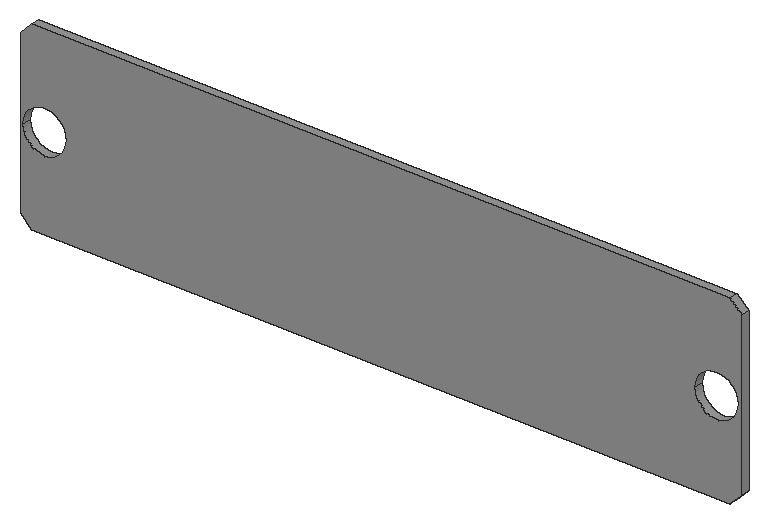
Revit family "ITK_Панель-заглушка 19 оптический распределительный кросс", category Обобщенные модели, Revit 2019
Family settings
  Может служить основой для арматурных стержней = Нет
  Размер круглого соединителя = Использовать диаметр
  Тип детали = Нормальный
  На основе рабочей плоскости = Нет
  Всегда вертикально = Да
  При загрузке вырезать с полостями = Нет
  Общий = Нет
  Точка расчета площади = Нет
Parameters (values of type "FOBX-P8-Z")
  Ширина = 125 mm
  Степень защиты = ""
  Материал = Окраска - RAL 7035
  Изготовитель = "ITK"  # constant formula
  Дата изменения = ""
  Тип монтажа = ""  # constant formula
  Глубина = 1.5 mm
  Высота = 32 mm
  URL = "https://www.iek.ru/"
  KSI_CPr_Строительные изделия = "61.1.04.08"  # constant formula
  KSI_CMa_Строительные материалы = "10.03.02.06"  # constant formula
  IEK_Цена за единицу = 49.82
  IEK_Поиск в таблице имен = ""
  IEK_Описание = "Изготовлены из высококачественных материалов.\r\nСоответствие международным стандартам и ГОСТ Р."
  IEK_URL = "https://www.itk-group.ru/produktsiya/catalog/oborudovanie_telekommunikatsionnoe/komponenty_sks_opticheskie/komponenty_sks_opticheskie/opticheskie_krossy_19/itk_panel_zaglushka_v_19_opticheskiy_raspredelitelnyy_kross"
  ADSK_Примечание = ""
  ADSK_Позиция [instance] = ""
  ADSK_Наименование = "ITK Панель-заглушка в 19\" оптический распределительный кросс"
  ADSK_Материал обозначение = ""
  ADSK_Материал наименование = "Листовая сталь"  # constant formula
  ADSK_Масса = 0.1
  ADSK_Марка = ""  # constant formula
  ADSK_Код изделия = "FOBX-P8-Z"
  ADSK_Завод-изготовитель = "IEK"  # constant formula
  ADSK_Единица измерения = "шт"  # constant formula
  ADSK_Группирование = "I. ЩИТЫ И ПУЛЬТЫ"  # constant formula
  ADSK_Версия семейства = "1.0"  # constant formula
  ADSK_Версия Revit = "2019"  # constant formula
  ADSK_URL страницы изделия = "https://www.itk-group.ru/produktsiya/catalog/oborudovanie_telekommunikatsionnoe/komponenty_sks_opticheskie/komponenty_sks_opticheskie/opticheskie_krossy_19/?pagec=30"
Reference planes
  plane 1 "По центру (Вперед/Назад)": y = 0
  plane 2: z = 0
  plane 3 "По центру (Влево/Вправо)": x = 0
  plane 4: z = 32
  plane 5: x = -62.5
  plane 6: x = 62.5
  plane 7: y = -1.5
Forms (mm)
  Extrusion 1, solid, detail levels coarse+medium
    sketch origin (0, 0, 0) x (1, 0, 0) y (0, 1, 0)
      loop
        line (-62.5, 0) -> (-62.5, -1.5) -> (62.5, -1.5) -> (62.5, 0) -> (-62.5, 0)
    from 32 <- "Высота" to 0
  Extrusion 2, solid, material "Окраска - RAL 7035" <- "Материал", detail levels fine
    sketch origin (0, 0, 0) x (1, 0, 0) y (0, 0, 1)
      loop
        line (-62.5, 30) -> (-62.5, 2) -> (-60.5, 0) -> (60.5, 0) -> (62.5, 2) -> (62.5, 30) -> (60.5, 32) -> (-60.5, 32) -> (-62.5, 30)
      loop
        circle (-58.25, 16) r 3.75
      loop
        circle (58.25, 16) r 3.75
    from 0 to 1.5
Dimensions and locks
  "Высота": plane 4 to level
  equal spacing: plane 6, plane 3 "По центру (Влево/Вправо)", plane 5
  "Ширина": plane 6 to plane 5
  "Глубина": plane 1 "По центру (Вперед/Назад)" to plane 7
  aligned and locked: level to plane 2
Automatic sketch dimensions
  Extrusion 1 sketch curve to plane 5 = 0 mm
  Extrusion 1 sketch curve to plane 6 = 0 mm
  Extrusion 1 sketch curve to plane 7 = 0 mm
  plane 1 "По центру (Вперед/Назад)" to Extrusion 1 sketch curve = 0 mm
  Extrusion 2 sketch curve to plane 5 = 0 mm
  Extrusion 2 sketch curve to level = 0 mm
  Extrusion 2 sketch curve to plane 6 = 0 mm
  plane 5 to Extrusion 2 sketch curve = 2 mm  (x2)
  plane 4 to Extrusion 2 sketch curve = 0 mm
  plane 5 to Extrusion 2 sketch curve = 4.25 mm
  Extrusion 2 sketch curve to plane 6 = 4.25 mm
  Extrusion 2 sketch curve to plane 6 = 2 mm  (x2)
  level to Extrusion 2 sketch curve = 2 mm  (x2)
  Extrusion 2 sketch curve to plane 4 = 2 mm  (x2)
  Extrusion 2 sketch curve to Extrusion 2 sketch curve = 14 mm  (x2)
  radius of Extrusion 2 sketch curve = 3.75 mm  (x2)
